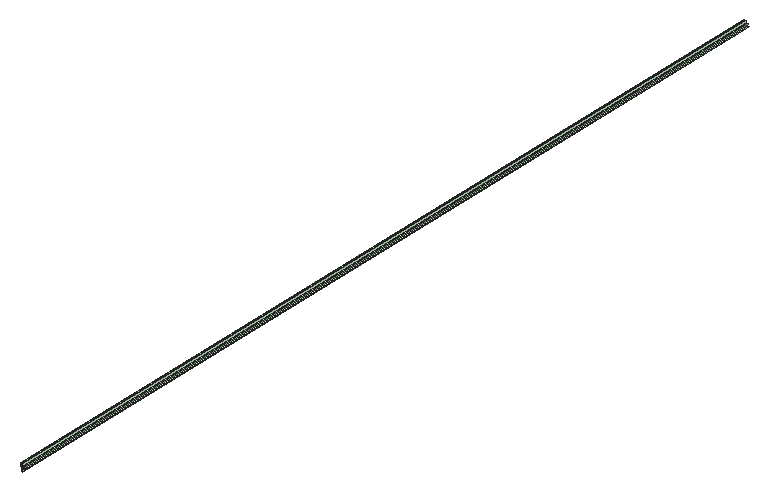
Revit family "点検口バー(内)eAA2818 Ⅰ", category 機械設備, Revit 2020
Family settings
  丸型コネクタ寸法 = 直径を使用
  種別 = なし
  パーツ タイプ = 標準
  作業面ベース = いいえ
  常に垂直 = はい
  ロード時にボイドで切り取り = いいえ
  共有 = いいえ
  部屋計算ポイント = いいえ
Parameters
  製造元 = "株式会社桐井製作所"
  既定の高さ = 0 mm
  URL = "https://www.kirii.co.jp/"
  K_長さ(mm) = 3200 mm
  K_材質 = "アルミ押出形材　A6063S-T5"
  K_品名 = "点検口バー(内)eAA2818 Ⅰ"
  K_名称 = "点検口バー"
  K_入数 = "30"
  K_バージョン情報 = "20220915"
Reference planes
  plane 1 "中心(正面/背面)": y = 0
  plane 2: z = 0
  plane 3 "中心(左/右)": x = 0
  plane 4: y = 3200
Forms (mm)
  Extrusion 1, solid
    sketch origin (0, 0, 0) x (1, 0, 0) y (0, 0, 1)
      loop
        line (-5, 1.5) -> (-5, 6.5) -> (0, 6.5) -> (0, -7)
        arc (0, -7) -> (-0.354, -7.146) -> (-0.5, -7.5) r 0.5
        line (-0.5, -7.5) -> (-0.5, -15.7) -> (1, -15.7) -> (1, -8.55) -> (10, -8.55)
        arc (10, -8.55) -> (10.88, -8.024) -> (10.835, -7) r 1
        line (10.835, -7) -> (1.5, -7) -> (1.5, 0) -> (10, 0)
        arc (10, 0) -> (10.866, 0.5) -> (10.866, 1.5) r 1
        line (10.866, 1.5) -> (1.5, 1.5) -> (1.5, 8) -> (-6.5, 8) -> (-6.5, 1.5) -> (-5, 1.5)
    from 0 to 3200
Dimensions and locks
  plane 4 to plane 1 "中心(正面/背面)" = 3200 mm
  aligned and locked: level to plane 2
